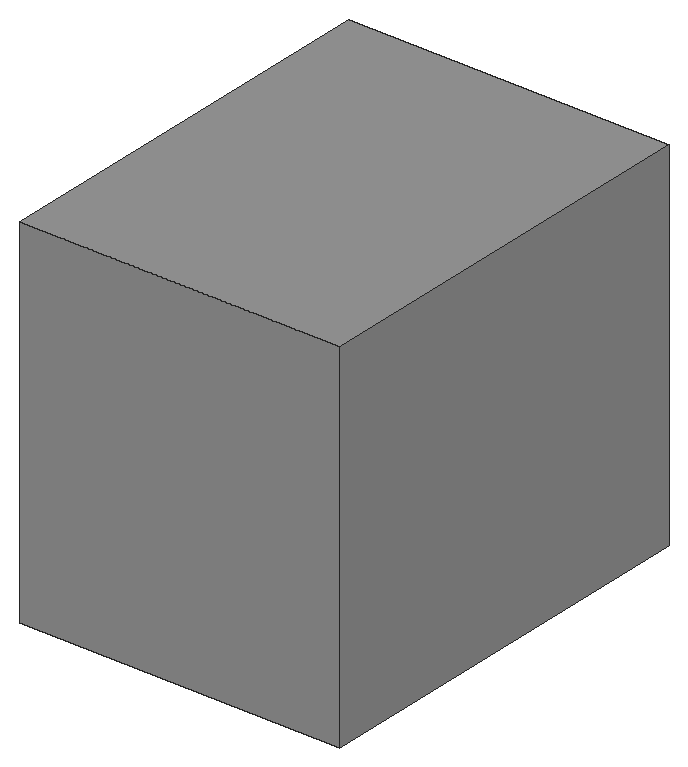
Revit family "60420", category Pipe Accessories, Revit 2018
Family settings
  Round Connector Dimension = Use Diameter
  Part Type = Normal
  Work Plane-Based = No
  Always vertical = Yes
  Cut with Voids When Loaded = No
  Shared = No
Parameters (values of type "60420 PRESTO Hanging shower seat")
  Résistance en pression statique = "150 kg (testé à plus de 200 kg)"
  Product data url = "https://www.bimobject.com/presto/product/pre080033"
  Product Guid = ""
  Lien notice d'utilisation = "http://www.prestodatashare.com/centretelechargement/support.php?ref=60420&lang=FR"
  LC = 15 mm
  URL Fabricant = "http://www.prestodatashare.com/centretelechargement/index.php?lang=FR&refs=60420"
  URL = "http://www.prestodatashare.com/centretelechargement/index.php?lang=FR&refs=60420"
  Lien fiche produit = "http://www.prestodatashare.com/espacedoc/Fiches_Techniques/FR/60420.pdf"
  Reference = "60420"
  Polantis code = "PRE080033"
  Perte de charge = 0.0 Pa
  Profondeur = 515 mm
  Model = "60420 PRESTO Hanging shower seat"
  Matériau = nylon blanc
  Lien CCTP = "http://www.prestodatashare.com/centretelechargement/index.php?lang=FR&refs=60420"
  Largeur = 400 mm
  PC = 30 mm
  Hauteur = 450 mm
  Fonction = "Pression d'utilisation recommandée :\r\n- 1 à 5 bars\r\n\r\nDébit :\r\n- 3 l/mn avec limiteur de débit intégré\r\n- Dispositif anti-coup de bélier\r\n- Brise-jet : anti-vandalisme et anti-bouchage\r\n\r\nDurée d'écoulement :\r\n- 15 secondes ± 5 secondes\r\n\r\nAlimentation hydraulique :\r\n- G 3/8'' (12x17)\r\n\r\nMatière et couleur de finition :\r\n- Bouton-poussoir noir en polyacétal\r\n\r\nRésistance thermique :\r\n- Ce robinet résiste à une température de 75°C durant 30 minutes dans le cadre de chocs thermiques\r\n\r\nSécurité :\r\n- Limitation de la température maximale par butée ajustable\r\n- Système S® interdisant le blocage en écoulement continu\r\n\r\nLivré avec :\r\n- 2 Joints filtre\r\n- 2 Flexibles PEX avec clapets anti-retour NF et écrous tournants\r\n- 1 Bride de fixation\r\n- 1 Joint de bride\r\n- 1 Ecrou de fixation\r\n\r\nNormes / Agréments :\r\n- Résistance au brouillard salin 200 H conformément à la norme NF ISO 9227 essai DSS\r\n- Corps en laiton chromé conforme aux normes NF EN1982, EN12164, EN 12165"
  Flux = 0.05 L/s
  Manufacturer = "LES ROBINETS PRESTO S.A."
  Edition number = 1
  Description = ""
  Adresse = "7, RUE RACINE - 92542 MONTROUGE CEDEX FRANCE"
Types (5, lengths in mm): name | Résistance en pression statique | Product data url | Lien notice d'utilisation | URL Fabricant | URL | Lien fiche produit | Reference | Polantis code | Profondeur | Model | Matériau | Lien CCTP | Largeur | Hauteur | Fonction | Flux | Edition number | Description
  28619 PRESTO MITIGEUR TEMPORISE PRESTO 4000"S" BOUTON CHROME+FLEXIBLES PEX - DEBIT 2L/MIN | "" | "" | "" | "http://www.prestodatashare.com/centretelechargement/index.php?lang=FR&refs=28619" | "http://www.prestodatashare.com/centretelechargement/index.php?lang=FR&refs=28619" | "http://www.prestodatashare.com/espacedoc/Fiches_Techniques/FR/28619.pdf" | "28619" | "PRE050002d-FR" | 166 | "28619 PRESTO MITIGEUR TEMPORISE PRESTO 4000\"S\" BOUTON CHROME+FLEXIBLES PEX - DEBIT 2L/MIN" | none | "http://www.prestodatashare.com/centretelechargement/index.php?lang=FR&refs=28619" | 50 | 144 | "Pression d'utilisation recommandée :\r\n- 1 à 5 bars\r\n\r\nDébit :\r\n- 1,9 l/mn avec sprayer limiteur de débit intégré\r\n- Dispositif anti-coup de bélier\r\n- Brise-jet : anti-vandalisme et anti-bouchage\r\n\r\nDurée d'écoulement :\r\n- 15 secondes +/- 5 secondes\r\n\r\nAlimentation hydraulique :\r\n- G 3/8'' (12x17)\r\n\r\nMatière et couleur de finition :\r\n- Bouton-poussoir en laiton chromé\r\n\r\nRésistance thermique :\r\n- Ce robinet résiste à une température de 75°C durant 30 minutes dans le cadre de chocs thermiques\r\n\r\nSécurité :\r\n- Limitation de la température maximale par butée ajustable\r\n- Système S® interdisant le blocage en écoulement continu\r\n\r\nLivré avec :\r\n- 2 Robinets d'arrêt MM 3/8'' (12x17)\r\n- 2 Joints filtre\r\n- 2 Flexibles PEX avec clapets anti-retour NF et écrous tournants\r\n- 1 Bride de fixation\r\n- 1 Joint de bride\r\n- 1 Ecrou de fixation\r\n\r\nNormes / Agréments :\r\n- Classe acoustique I\r\n- Résistance au brouillard salin 200 H conformément à la norme NF ISO 9227 essai DSS\r\n- Corps en laiton chromé conforme aux normes NF EN1982, EN12164, EN 12165" | 0.0316667 L/s | 0 | "Mitigeur mono-commande temporisé sur plage. De type Presto 4000 S® réf. 28619 ou techniquement équivalent. Avec mécanisme à rubis auto nettoyé par fil frein, limiteur de débit intégré (1,9 l/mn), sécurité S® interdisant le blocage en écoulement continu, limitation de la température maximale par butée ajustable. Bouton de commande en laiton chromé. Avec flexibles PEX et robinets d’arrêt filtres."
  28617 PRESTO MITIGEUR TEMPORISE PRESTO 4000"S" BOUTON CHROME+FLEXIBLES PEX SANS RA | "" | "" | "" | "http://www.prestodatashare.com/centretelechargement/index.php?lang=FR&refs=28617" | "http://www.prestodatashare.com/centretelechargement/index.php?lang=FR&refs=28617" | "http://www.prestodatashare.com/espacedoc/Fiches_Techniques/FR/28617.pdf" | "28617" | "PRE050002c-FR" | 166 | "28617 PRESTO MITIGEUR TEMPORISE PRESTO 4000\"S\" BOUTON CHROME+FLEXIBLES PEX SANS RA" | none | "http://www.prestodatashare.com/centretelechargement/index.php?lang=FR&refs=28617" | 50 | 144 | "Pression d'utilisation recommandée :\r\n- 1 à 5 bars\r\n\r\nDébit :\r\n- 3 l/mn avec limiteur de débit intégré\r\n- Dispositif anti-coup de bélier\r\n- Brise-jet : anti-vandalisme et anti-bouchage\r\n\r\nDurée d'écoulement :\r\n- 15 secondes ± 5 secondes\r\n\r\nAlimentation hydraulique :\r\n- G 3/8'' (12x17)\r\n\r\nMatière et couleur de finition :\r\n- Bouton-poussoir en laiton chromé\r\n\r\nRésistance thermique :\r\n- Ce robinet résiste à une température de 75°C durant 30 minutes dans le cadre de chocs thermiques\r\n\r\nSécurité :\r\n- Limitation de la température maximale par butée ajustable\r\n- Système S® interdisant le blocage en écoulement continu\r\n\r\nLivré avec :\r\n- 2 Joints filtre\r\n- 2 Flexibles PEX avec clapets anti-retour NF et écrous tournants\r\n- 1 Bride de fixation\r\n- 1 Joint de bride\r\n- 1 Ecrou de fixation\r\n\r\nNormes / Agréments :\r\n- Résistance au brouillard salin 200 H conformément à la norme NF ISO 9227 essai DSS\r\n- Corps en laiton chromé conforme aux normes NF EN1982, EN12164, EN 12165" | 0.05 L/s | 0 | "Mitigeur NF mono-commande temporisé sur plage. De type Presto 4000 S® réf. 28617 ou techniquement équivalent. Avec mécanisme à rubis auto nettoyé par fil frein, régulateur de débit intégré (3l/min), sécurité S® interdisant le blocage en écoulement continu, limitation de la température maximale par butée ajustable. Bouton de commande en laiton chromé. Avec flexibles PEX et joints  filtres."
  28610 PRESTO MITIGEUR TEMPORISE PRESTO 4000"S" BOUTON CHROME+FLEXIBLES PEX | "" | "" | "" | "http://www.prestodatashare.com/centretelechargement/index.php?lang=FR&refs=28610" | "http://www.prestodatashare.com/centretelechargement/index.php?lang=FR&refs=28610" | "http://www.prestodatashare.com/espacedoc/Fiches_Techniques/FR/28610.pdf" | "28610" | "PRE050002b-FR" | 166 | "28610 PRESTO MITIGEUR TEMPORISE PRESTO 4000\"S\" BOUTON CHROME+FLEXIBLES PEX" | none | "http://www.prestodatashare.com/centretelechargement/index.php?lang=FR&refs=28610" | 50 | 144 | "Pression d'utilisation recommandée :\r\n- 1 à 5 bars\r\n\r\nDébit :\r\n- 3 l/mn avec limiteur de débit intégré\r\n- Dispositif anti-coup de bélier\r\n- Brise-jet : anti-vandalisme et anti-bouchage\r\n\r\nDurée d'écoulement :\r\n- 15 secondes ± 5 secondes\r\n\r\nAlimentation hydraulique :\r\n- G 3/8'' (12x17)\r\n\r\nMatière et couleur de finition :\r\n- Bouton-poussoir en laiton chromé\r\n\r\nRésistance thermique :\r\n- Ce robinet résiste à une température de 75°C durant 30 minutes dans le cadre de chocs thermiques\r\n\r\nSécurité :\r\n- Limitation de la température maximale par butée ajustable\r\n- Système S® interdisant le blocage en écoulement continu\r\n\r\nLivré avec :\r\n- 2 Robinets d'arrêt MM 3/8'' (12x17)\r\n- 2 Joints filtre\r\n- 2 Flexibles PEX avec clapets anti-retour NF et écrous tournants\r\n- 1 Bride de fixation\r\n- 1 Joint de bride\r\n- 1 Ecrou de fixation\r\n\r\nNormes / Agréments :\r\n- Classe acoustique I\r\n- Résistance au brouillard salin 200 H conformément à la norme NF ISO 9227 essai DSS\r\n- Corps en laiton chromé conforme aux normes NF EN1982, EN12164, EN12165" | 0.05 L/s | 0 | "Mitigeur NF mono-commande temporisé sur plage. De type Presto 4000 S® réf. 28610 ou techniquement équivalent. Avec mécanisme à rubis auto nettoyé par fil frein, régulateur de débit intégré (3l/min), sécurité S® interdisant le blocage en écoulement continu, limitation de la température maximale par butée ajustable. Bouton de commande en laiton chromé. Avec flexibles PEX et robinets d’arrêt filtres."
  28442 PRESTO MITIGEUR TEMPORISE PRESTO 4000"S" BOUTON NOIR + FLEXIBLES PEX | "" | "" | "" | "http://www.prestodatashare.com/centretelechargement/index.php?lang=FR&refs=28442" | "http://www.prestodatashare.com/centretelechargement/index.php?lang=FR&refs=28442" | "http://www.prestodatashare.com/espacedoc/Fiches_Techniques/FR/28442.pdf" | "28442" | "PRE050002a-FR" | 166 | "28442 PRESTO MITIGEUR TEMPORISE PRESTO 4000\"S\" BOUTON NOIR + FLEXIBLES PEX" | none | "http://www.prestodatashare.com/centretelechargement/index.php?lang=FR&refs=28442" | 50 | 144 | "Pression d'utilisation recommandée :\r\n- 1 à 5 bars\r\n\r\nDébit :\r\n- 3 l/mn avec limiteur de débit intégré\r\n- Dispositif anti-coup de bélier\r\n- Brise-jet : anti-vandalisme et anti-bouchage\r\n\r\nDurée d'écoulement :\r\n- 15 secondes ± 5 secondes\r\n\r\nAlimentation hydraulique :\r\n- G 3/8'' (12x17)\r\n\r\nMatière et couleur de finition :\r\n- Bouton-poussoir noir en polyacétal\r\n\r\nRésistance thermique :\r\n- Ce robinet résiste à une température de 75°C durant 30 minutes dans le cadre de chocs thermiques\r\n\r\nSécurité :\r\n- Limitation de la température maximale par butée ajustable\r\n- Système S® interdisant le blocage en écoulement continu\r\n\r\nLivré avec :\r\n- 2 Robinets d'arrêt MM 3/8'' (12x17)\r\n- 2 Joints filtre\r\n- 2 Flexibles PEX avec clapets anti-retour NF et écrous tournants\r\n- 1 Bride de fixation\r\n- 1 Joint de bride\r\n- 1 Ecrou de fixation\r\n\r\nNormes / Agréments :\r\n- Classe acoustique I\r\n- Résistance au brouillard salin 200 H conformément à la norme NF ISO 9227 essai DSS\r\n- Corps en laiton chromé conforme aux normes NF EN1982, EN12164, EN12165" | 0.05 L/s | 0 | "Mitigeur NF mono-commande temporisé sur plage. De type Presto 4000 S® réf. 28442 ou techniquement équivalent. Avec mécanisme à rubis auto nettoyé par fil frein, régulateur de débit intégré (3l/min), sécurité S® interdisant le blocage en écoulement continu, limitation de la température maximale par butée ajustable. Bouton de commande en polyacétal noir. Avec flexibles PEX et robinets d’arrêt filtres."
  60420 PRESTO Hanging shower seat | "150 kg (testé à plus de 200 kg)" | "https://www.bimobject.com/presto/product/pre080033" | "http://www.prestodatashare.com/centretelechargement/support.php?ref=60420&lang=FR" | "http://www.prestodatashare.com/centretelechargement/index.php?lang=FR&refs=60420" | "http://www.prestodatashare.com/centretelechargement/index.php?lang=FR&refs=60420" | "http://www.prestodatashare.com/espacedoc/Fiches_Techniques/FR/60420.pdf" | "60420" | "PRE080033" | 515 | "60420 PRESTO Hanging shower seat" | nylon blanc | "http://www.prestodatashare.com/centretelechargement/index.php?lang=FR&refs=60420" | 400 | 450 | "Pression d'utilisation recommandée :\r\n- 1 à 5 bars\r\n\r\nDébit :\r\n- 3 l/mn avec limiteur de débit intégré\r\n- Dispositif anti-coup de bélier\r\n- Brise-jet : anti-vandalisme et anti-bouchage\r\n\r\nDurée d'écoulement :\r\n- 15 secondes ± 5 secondes\r\n\r\nAlimentation hydraulique :\r\n- G 3/8'' (12x17)\r\n\r\nMatière et couleur de finition :\r\n- Bouton-poussoir noir en polyacétal\r\n\r\nRésistance thermique :\r\n- Ce robinet résiste à une température de 75°C durant 30 minutes dans le cadre de chocs thermiques\r\n\r\nSécurité :\r\n- Limitation de la température maximale par butée ajustable\r\n- Système S® interdisant le blocage en écoulement continu\r\n\r\nLivré avec :\r\n- 2 Joints filtre\r\n- 2 Flexibles PEX avec clapets anti-retour NF et écrous tournants\r\n- 1 Bride de fixation\r\n- 1 Joint de bride\r\n- 1 Ecrou de fixation\r\n\r\nNormes / Agréments :\r\n- Résistance au brouillard salin 200 H conformément à la norme NF ISO 9227 essai DSS\r\n- Corps en laiton chromé conforme aux normes NF EN1982, EN12164, EN 12165" | 0.05 L/s | 1 | ""
Reference planes
  plane 1 "Centre (avant/arrière)": y = 0
  plane 2: z = 0
  plane 3 "Centre (gauche/droite)": x = 0
  plane 4: y = -515
  plane 5: x = 400
  plane 6: z = 450
  plane 7: x = 200
  plane 8: z = 1
  plane 9: y = -30
  plane 10: x = 15
  plane 11: x = 385
Forms (mm)
  Extrusion 1, solid, material "nylon blanc" <- "Matériau", detail levels fine
    sketch origin (0, 0, 0) x (1, 0, 0) y (0, 1, 0)
      loop
        line (0, 0) -> (0, -515) -> (400, -515) -> (400, 0) -> (0, 0)
    from 0 to 450
  Extrusion 2, solid, material "nylon blanc" <- "Matériau", detail levels fine
    sketch origin (0, 0, 0) x (1, 0, 0) y (0, 1, 0)
      loop
        circle (15, -30) r 5
    from 0 to 1
  Extrusion 3, solid, material "nylon blanc" <- "Matériau", detail levels fine
    sketch origin (0, 0, 0) x (1, 0, 0) y (0, 1, 0)
      loop
        circle (385, -30) r 5
    from 0 to 1
Cuts and joins
  joined: Extrusion 1, Extrusion 2, Extrusion 3
Dimensions and locks
  "Profondeur": plane 1 "Centre (avant/arrière)" to plane 4
  "Largeur": plane 3 "Centre (gauche/droite)" to plane 5
  "Hauteur": plane 6 to level
  equal spacing: plane 3 "Centre (gauche/droite)", plane 7, plane 5
  locked: plane 8 to plane 2 at 1
  "PC": plane 1 "Centre (avant/arrière)" to plane 9
  "LC": plane 3 "Centre (gauche/droite)" to plane 10
  "LC": plane 11 to plane 5
  aligned and locked: level to plane 2
  aligned and locked: plane 1 "Centre (avant/arrière)" to Extrusion 1 sketch curve
  aligned and locked: plane 3 "Centre (gauche/droite)" to Extrusion 1 sketch curve
  aligned and locked: plane 4 to Extrusion 1 sketch curve
  aligned and locked: plane 5 to Extrusion 1 sketch curve
  aligned and locked: plane 6 to Extrusion 1
  aligned and locked: plane 8 to Extrusion 2
  aligned and locked: plane 8 to Extrusion 3
  aligned and locked: plane 6 to nested 1
  aligned and locked: plane 7 to nested 1
  aligned and locked: nested 1 to plane 4
Automatic sketch dimensions
  Extrusion 2 sketch curve to plane 9 = 0 mm
  Extrusion 2 sketch curve to plane 10 = 0 mm
  Extrusion 3 sketch curve to plane 9 = 0 mm
  Extrusion 3 sketch curve to plane 11 = 0 mm
  radius of Extrusion 2 sketch curve = 5 mm
  radius of Extrusion 3 sketch curve = 5 mm
Nested families
  nested 1: "S2DA6" at (400, -257.5, 0) x (0, 1, 0) z (0, 0, 1), type "S2DA6", detail levels coarse+medium
Definition of nested family "S2DA6"
  Parameters (values of type "S2DA6")
    P = 788.322 mm
    L = 1600 mm
    H = 1250.021 mm
  Reference planes
    plane 1 "Centre (avant/arrière)": y = 0
    plane 2: z = 0
    plane 3 "Centre (gauche/droite)": x = 0
    plane 4: y = 788.322
    plane 5: x = -800
    plane 6: x = 800
    plane 7: y = 394.161
    plane 8: z = 1250.021
    plane 9: z = 625.01
  Lines and regions (mm)
    symbolic lines
      curve 1: line (-800, 788.322, 0) -> (800, 0, 0)
      curve 2: line (800, 0, 0) -> (800, 788.322, 0)
      curve 3: line (800, 788.322, 0) -> (-800, 0, 0)
      curve 4: line (-800, 0, 0) -> (-800, 788.322, 0)
      curve 5: line (800, 0, 1250.021) -> (-800, 0, 1250.021)
      curve 6: line (-800, 0, 1250.021) -> (800, 0, 0)
      curve 7: line (800, 0, 0) -> (-800, 0, 0)
      curve 8: line (800, 0, 1250.021) -> (-800, 0, 0)
      curve 9: line (0, 788.322, 0) -> (0, 0, 1250.021)
      curve 10: line (0, 0, 1250.021) -> (0, 788.322, 1250.021)
      curve 11: line (0, 788.322, 1250.021) -> (0, 0, 0)
      curve 12: line (0, 0, 0) -> (0, 788.322, 0)
  Dimensions and locks
    equal spacing: plane 5, plane 3 "Centre (gauche/droite)", plane 6
    equal spacing: plane 1 "Centre (avant/arrière)", plane 7, plane 4
    "P": plane 1 "Centre (avant/arrière)" to plane 4
    "L": plane 5 to plane 6
    equal spacing: plane 8, plane 9, level
    "H": plane 8 to plane 2
    aligned and locked: level to plane 2
  Automatic sketch dimensions
    plane 1 "Centre (avant/arrière)" to curve 3 = 0 mm
    curve 1 to plane 4 = 0 mm
    curve 3 to plane 4 = 0 mm
    plane 1 "Centre (avant/arrière)" to curve 2 = 0 mm
    curve 3 to plane 6 = 0 mm
    curve 4 to plane 5 = 0 mm
    curve 10 to plane 1 "Centre (avant/arrière)" = 0 mm
    curve 10 to plane 8 = 0 mm
    curve 11 to plane 4 = 0 mm
    curve 12 to level = 0 mm
    curve 12 to plane 1 "Centre (avant/arrière)" = 0 mm
    curve 12 to plane 4 = 0 mm
    plane 5 to curve 5 = 0 mm
    curve 8 to level = 0 mm
    plane 5 to curve 8 = 0 mm
    plane 6 to curve 7 = 0 mm
    plane 6 to curve 8 = 0 mm
    curve 6 to plane 8 = 0 mm
